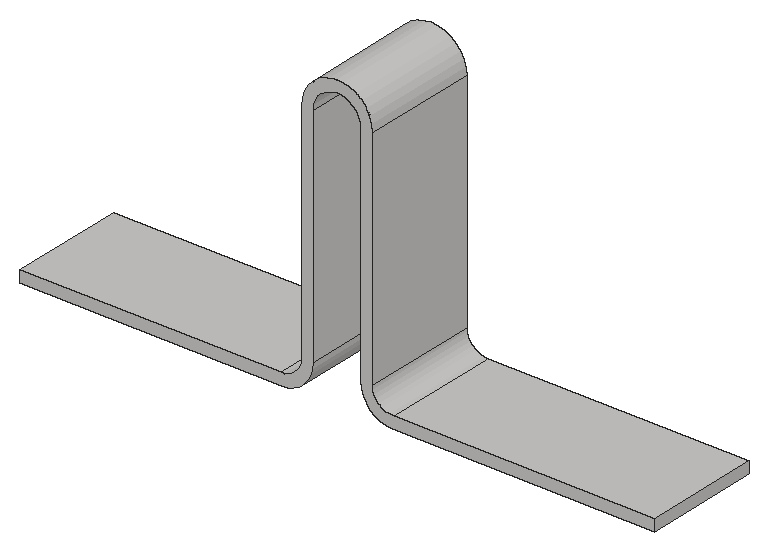
Revit family "FA_КомпенсаторПолосы_75025_EZETEK", category Системы пожарной сигнализации, Revit 2017
Family settings
  Сохранять ориентацию аннотаций = Нет
  Размер круглого соединителя = Использовать радиус
  Тип детали = Нормальный
  На основе рабочей плоскости = Нет
  Всегда вертикально = Да
  При загрузке вырезать с полостями = Нет
  Общий = Да
  Точка расчета площади = Нет
Parameters (values of type "КомпенсаторПолосы_75025")
  Угол = 90.00°  # constant formula
  Производитель_Контакты = "ezetek@ezetek.ru"  # constant formula
  Описание = "Компенсатор полосы применяется для организации системы уравнивания потенциалов на протяженных объектах. Компенсатор применяется для параллельного соединения участков полосы при конструкции зданий из независимых секций, между которыми возможны температурные колебания длины в течение года."  # constant formula
  Использовать масштаб аннотаций [instance] = 1 = 0  # 0
  Изготовитель = "Ezetek"  # constant formula
  Группа модели = "Полоса"  # constant formula
  URL = "https://ezetek.ru/"
  ADSK_Этаж [instance] = ""
  ADSK_Примечание [instance] = ""
  ADSK_Позиция [instance] = ""
  ADSK_Обозначение = "75025"
  ADSK_Наименование краткое [instance] = "Компенсатор полосы"
  ADSK_Наименование = "Компенсатор полосы, оцинк"
  ADSK_Материал = BIMLIB_Сталь_Нержавеющая_EZETEK
  ADSK_Масса_Текст = "0.32"
  ADSK_Масса = 0.32
  ADSK_Марка = "75025"
  ADSK_Количество = 1  # constant formula
  ADSK_Код изделия = "75025"
  ADSK_Завод-изготовитель = "Ezetek"  # constant formula
  ADSK_Единица измерения = "шт."  # constant formula
  ADSK_Группирование [instance] = ""
  ADSK_Версия Revit = "2017"  # constant formula
Reference planes
  plane 1 "По центру (Вперед/Назад)": y = 0
  plane 2: z = 0
  plane 3 "По центру (Влево/Вправо)": x = 0
  plane 4: x = -108.05
  plane 5: x = 108.05
  plane 6: y = 20
  plane 7: y = -20
  plane 8: x = -8.05
  plane 9: z = 100
  plane 10: x = 8.05
  plane 11: z = 4
Forms (mm)
  Extrusion 1, solid, material "BIMLIB_Сталь_Нержавеющая_EZETEK" <- "ADSK_Материал", detail levels fine
    sketch origin (0, 0, 0) x (1, 0, 0) y (0, 0, 1)
      loop
        line (-108.05, 0) -> (-18.851, 0)
        arc (-18.851, 0) -> (-11.213, 3.164) -> (-8.05, 10.801) r 10.801
        line (-8.05, 10.801) -> (-8.05, 87.95)
        arc (-8.05, 87.95) -> (0, 96) -> (8.05, 87.95) r 8.05
        line (8.05, 87.95) -> (8.05, 10.801)
        arc (8.05, 10.801) -> (11.213, 3.164) -> (18.851, 0) r 10.801
        line (18.851, 0) -> (108.05, 0) -> (108.05, 4) -> (19.141, 4)
        arc (19.141, 4) -> (14.127, 6.077) -> (12.05, 11.091) r 7.091
        line (12.05, 11.091) -> (12.05, 87.95)
        arc (12.05, 87.95) -> (0, 100) -> (-12.05, 87.95) r 12.05
        line (-12.05, 87.95) -> (-12.05, 11.091)
        arc (-12.05, 11.091) -> (-14.127, 6.077) -> (-19.141, 4) r 7.091
        line (-19.141, 4) -> (-108.05, 4) -> (-108.05, 0)
    from 20 to -20
Dimensions and locks
  equal spacing: plane 6, plane 1 "По центру (Вперед/Назад)", plane 7
  locked: plane 6 to plane 7 at 40
  equal spacing: plane 5, plane 3 "По центру (Влево/Вправо)", plane 4
  locked: plane 5 to plane 4 at 216.1
  locked: plane 8 to plane 4 at 100
  locked: plane 9 to plane 2 at 100
  locked: plane 8 to Extrusion 1 sketch curve at 4
  locked: plane 10 to plane 5 at 100
  locked: plane 11 to plane 2 at 4
  locked: plane 10 to Extrusion 1 sketch curve at 4
  aligned and locked: level to plane 2
  aligned and locked: Extrusion 1 sketch curve to plane 2
  aligned and locked: plane 8 to Extrusion 1 sketch curve
  aligned and locked: plane 4 to Extrusion 1 sketch curve
  aligned and locked: Extrusion 1 sketch curve to plane 5
  aligned and locked: plane 2 to Extrusion 1 sketch curve
  aligned and locked: Extrusion 1 sketch curve to plane 10
  aligned and locked: Extrusion 1 sketch curve to plane 11
  aligned and locked: plane 11 to Extrusion 1 sketch curve
  aligned and locked: plane 7 to Extrusion 1
  aligned and locked: plane 6 to Extrusion 1
Automatic sketch dimensions
  plane 9 to Extrusion 1 sketch curve = 12.05 mm
  Extrusion 1 sketch curve to Extrusion 1 sketch curve = 7.091 mm
  Extrusion 1 sketch curve to Extrusion 1 sketch curve = 0.29 mm  (x2)
  Extrusion 1 sketch curve to Extrusion 1 sketch curve = 6.801 mm
  Extrusion 1 sketch curve to Extrusion 1 sketch curve = 0 mm
